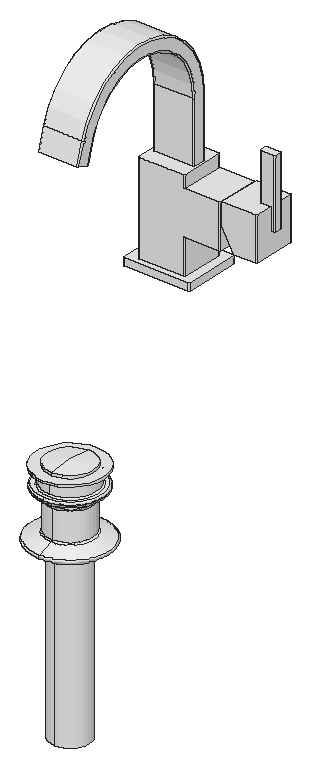
Revit family
Parameters (values of type "Polished Chrome")
  Waste Connection Radius = Waste Connection NPT / 2  # 0' - 0 5/8"
  Waste Connection NPT = 1 1/4"
  Waste Connection = yes
  WFU = 0
  Version = 1
  Vent Connection = yes
  URL = "http://www.deltafaucet.com"
  Product URL = "http://www.deltafaucet.com/bath/details/553LF.html"
  Overall Width = 0' - 4.37402"  # constant formula
  Overall Length = 0' - 5.93898"  # constant formula
  Overall Height = 0' - 7.79528"  # constant formula
  Offset to Backsplash [instance] = 0' - 2 1/2"
  Model = "553LF"
  Maximum Flow Rate = 1.5 GPM
  Manufacturer = "DELTA"  # constant formula
  Hot Water Connection Radius = Hot Water Connection NPT / 2  # 1/4"
  Hot Water Connection NPT = 1/2"
  HWFU = 0
  HW Connection = yes
  Flow Pressure [instance] = 0.00 psi
  Finish = Chrome - DELTA - Polished
  Drain Offset to Backsplash [instance] = 0' - 7"
  Description = "Single Handle Deck Mount Lavatory Faucet"
  Collection = "Vero"  # constant formula
  Cold Water Connection Radius = Cold Water Connection NPT / 2  # 1/4"
  Cold Water Connection NPT = 1/2"
  CWFU = 0
  CW Connection = yes
  CADworks URL = "http://www.CADworks.net"
  Basin Depth [instance] = 0' - 4"
  Assembly Code = "D2010900"
  ADA Compliant = yes
Types (3): name | Product URL | Model | Finish
  (no name) | "http://www.deltafaucet.com/bath/details/553LF.html" | "553LF" | Chrome - DELTA - Polished
  Brilliance Stainless | "http://www.deltafaucet.com/bath/details/553LF-SS.html" | "553LF-SS" | Steel - DELTA - Brilliance Stainless
  Polished Chrome | "http://www.deltafaucet.com/bath/details/553LF.html" | "553LF" | Chrome - DELTA - Polished
Reference planes (in)
  plane 1 "Center (Front/Back)": y = 0
  plane 2: z = 0
  plane 3 "Center (Left/Right)": x = 0
  plane 4: y = -4.78346
  plane 5 "Wall Closure": y = 2.5
  plane 6: x = -0.5
  plane 7: x = 0.5
  plane 8: z = 0.23228
  plane 9: z = 3.22835
  plane 10: z = 5.23622
  plane 11: z = -0.25
  plane 12: y = -4.99803
  plane 13: y = 0.94094
  plane 14: x = -1.09449
  plane 15: x = 1.09449
  plane 16: y = -0.94094
  plane 17: x = -0.76575
  plane 18: x = 0.76575
  plane 19: y = 0.72441
  plane 20: y = -0.72441
  plane 21: y = 0.22441
  plane 22: y = -0.22441
  plane 23: x = 0.66929
  plane 24: x = -0.66929
  plane 25: x = 1.98819
  plane 26: x = 3.27953
  plane 27: z = 7.79528
  plane 28: z = 2.87401
  plane 29: z = 1.42519
  plane 30: z = 2.15748
  plane 31: z = 4.40945
  plane 32: y = -4.5
  plane 33: z = -4
  plane 34: z = -12
Forms (in)
  Extrusion 1, solid, material "Chrome - DELTA - Polished" <- "Finish"
    sketch origin (0, 0, 0) x (1, 0, 0) y (0, 1, 0)
      loop
        arc (-1.09449, -0.89764) -> (-1.0818, -0.92826) -> (-1.05118, -0.94094) r 0.04331
        line (-1.05118, -0.94094) -> (1.05118, -0.94094)
        arc (1.05118, -0.94094) -> (1.0818, -0.92826) -> (1.09449, -0.89764) r 0.04331
        line (1.09449, -0.89764) -> (1.09449, 0.89764)
        arc (1.09449, 0.89764) -> (1.0818, 0.92826) -> (1.05118, 0.94094) r 0.04331
        line (1.05118, 0.94094) -> (-1.05118, 0.94094)
        arc (-1.05118, 0.94094) -> (-1.0818, 0.92826) -> (-1.09449, 0.89764) r 0.04331
        line (-1.09449, 0.89764) -> (-1.09449, -0.89764)
    from 0 to 0.23228
  Extrusion 2, solid, material "Chrome - DELTA - Polished" <- "Finish"
    sketch origin (1.25, -180, 0.23228) x (0, -1, 0) y (-1, 0, 0)
      loop
        line (-180.72441, 1.97244) -> (-180.72441, 0.48425) -> (-179.27559, 0.48425) -> (-179.27559, 1.97244)
        arc (-179.27559, 1.97244) -> (-179.28827, 2.00306) -> (-179.3189, 2.01575) r 0.04331
        line (-179.3189, 2.01575) -> (-180.6811, 2.01575)
        arc (-180.6811, 2.01575) -> (-180.71173, 2.00306) -> (-180.72441, 1.97244) r 0.04331
    from 0 to -2.99606
  Sweep 3, solid, material "Chrome - DELTA - Polished" <- "Finish"
    path origin (0, 0, 0) x (0, 1, 0) y (0, 0, 1)
      loop
        line (0, 3.22835) -> (0, 5.23441)
        arc (0, 5.23441) -> (-1.99292, 7.5473) -> (-4.57498, 5.91814) r 2.33858
        line (-4.57498, 5.91814) -> (-4.78346, 5.23622)
    profile origin (0, 0, 4.23138) x (0, -1, 0) y (1, 0, 0)
      loop
        arc (0.1811, -0.66929) -> (0.21173, -0.65661) -> (0.22441, -0.62598) r 0.04331
        line (0.22441, -0.62598) -> (0.22441, 0.62598)
        arc (0.22441, 0.62598) -> (0.21173, 0.65661) -> (0.1811, 0.66929) r 0.04331
        line (0.1811, 0.66929) -> (-0.1811, 0.66929)
        arc (-0.1811, 0.66929) -> (-0.21173, 0.65661) -> (-0.22441, 0.62598) r 0.04331
        line (-0.22441, 0.62598) -> (-0.22441, -0.62598)
        arc (-0.22441, -0.62598) -> (-0.21173, -0.65661) -> (-0.1811, -0.66929) r 0.04331
        line (-0.1811, -0.66929) -> (0.1811, -0.66929)
  Extrusion 4, solid, material "Chrome - DELTA - Polished" <- "Finish", detail levels fine
    sketch origin (1.25, -180, -0.25) x (0, -1, 0) y (-1, 0, 0)
      loop
        circle (-180, 1.75) r 0.25
      loop
        circle (-180, 0.75) r 0.25
    from 0 to -0.25
  Extrusion 5, solid, material "Chrome - DELTA - Polished" <- "Finish"
    sketch origin (0.5, 61.77165, 41.89764) x (0, 1, 0) y (0, 0, -1)
      loop
        line (-62.49606, 40.51575) -> (-62.49606, 39.06693) -> (-61.04724, 39.06693) -> (-61.04724, 40.51575) -> (-62.49606, 40.51575)
    from -0.26575 to -1.42717
  Extrusion 6, void
    sketch origin (0, 0, 0) x (1, 0, 0) y (0, 1, 0)
      loop
        line (0.76575, 0.6811) -> (0.76575, 0.72441) -> (0.72244, 0.72441)
        arc (0.72244, 0.72441) -> (0.75306, 0.71173) -> (0.76575, 0.6811) r 0.04331
      loop
        arc (0.76575, -0.6811) -> (0.75306, -0.71173) -> (0.72244, -0.72441) r 0.04331
        line (0.72244, -0.72441) -> (0.76575, -0.72441) -> (0.76575, -0.6811)
    from 0.23228 to 1.38189
  Extrusion 7, void
    sketch origin (0, 0, 2.55906) x (1, 0, 0) y (0, 1, 0)
      loop
        line (0.76575, 0.6811) -> (0.76575, 0.72441) -> (0.72244, 0.72441)
        arc (0.72244, 0.72441) -> (0.75306, 0.71173) -> (0.76575, 0.6811) r 0.04331
      loop
        arc (0.76575, -0.6811) -> (0.75306, -0.71173) -> (0.72244, -0.72441) r 0.04331
        line (0.72244, -0.72441) -> (0.76575, -0.72441) -> (0.76575, -0.6811)
    from 0.27165 to 0.66929
  Extrusion 8, void
    sketch origin (1.16142, 0, 2.55906) x (1, 0, 0) y (0, 1, 0)
      loop
        line (0.76575, 0.6811) -> (0.76575, 0.72441) -> (0.72244, 0.72441)
        arc (0.72244, 0.72441) -> (0.75306, 0.71173) -> (0.76575, 0.6811) r 0.04331
      loop
        arc (0.76575, -0.6811) -> (0.75306, -0.71173) -> (0.72244, -0.72441) r 0.04331
        line (0.72244, -0.72441) -> (0.76575, -0.72441) -> (0.76575, -0.6811)
    from -1.17717 to 0.27165
  Revolve 9, solid, material "Chrome - DELTA - Polished" <- "Finish"
    sketch origin (0, 0, -5.90551) x (1, 0, 0) y (0, 0, 1)
      loop
        line (1.92717, 8.01181) -> (2.47835, 8.01181)
        arc (2.47835, 8.01181) -> (2.31691, 8.40155) -> (1.92717, 8.56299) r 0.55118
        line (1.92717, 8.56299) -> (1.92717, 8.01181)
      axis (1.92717, 8.01181) -> (2.47835, 8.01181)
    angle from 0 to 360
  Extrusion 10, solid, material "Chrome - DELTA - Polished" <- "Finish"
    sketch origin (1.25, -180, 2.87401) x (0, -1, 0) y (-1, 0, 0)
      loop
        line (-179.2815, -0.73819) -> (-180.7185, -0.73819) -> (-180.70902, -1.84764)
        arc (-180.70902, -1.84764) -> (-180.69662, -1.87761) -> (-180.66689, -1.89056) r 0.04331
        arc (-180.66689, -1.89056) -> (-180, -1.89961) -> (-179.33311, -1.89056) r 24.59055
        arc (-179.33311, -1.89056) -> (-179.30338, -1.87761) -> (-179.29098, -1.84764) r 0.04331
        line (-179.29098, -1.84764) -> (-179.2815, -0.73819)
    from -0.00787 to 1.44882
  Extrusion 11, void
    sketch origin (0, 0, -5.90551) x (-1, 0, 0) y (0, 0, 1)
      loop
        line (-2.38386, 7.33067) -> (-3.27953, 7.35834) -> (-3.27953, 7.2874) -> (-1.98819, 7.2874) -> (-1.98819, 8.06299) -> (-2.38386, 7.33067)
      loop
        line (-1.98819, 8.77244) -> (-1.98819, 9.13386) -> (-3.27953, 9.13386) -> (-3.27953, 8.78031) -> (-1.98819, 8.77244)
    from -0.7874 to 0.7874
  Extrusion 12, solid, material "Chrome - DELTA - Polished" <- "Finish"
    sketch origin (1.25, -180, 2.15748) x (0, -1, 0) y (-1, 0, 0)
      loop
        arc (-179.9139, -2.02953) -> (-179.8831, -2.01666) -> (-179.8706, -1.98571) r 0.04331
        line (-179.8706, -1.98571) -> (-179.87548, -1.57232)
        arc (-179.87548, -1.57232) -> (-179.88834, -1.54203) -> (-179.91878, -1.52953) r 0.04331
        line (-179.91878, -1.52953) -> (-180.08122, -1.52953)
        arc (-180.08122, -1.52953) -> (-180.11166, -1.54203) -> (-180.12452, -1.57232) r 0.04331
        line (-180.12452, -1.57232) -> (-180.1294, -1.98571)
        arc (-180.1294, -1.98571) -> (-180.1169, -2.01666) -> (-180.0861, -2.02953) r 0.04331
        line (-180.0861, -2.02953) -> (-179.9139, -2.02953)
    from 0.11811 to -2.33071
  Extrusion 13, void
    sketch origin (0, 0, -4.37087) x (-1, 0, 0) y (0, 0, 1)
      loop
        line (-1.98819, 8.77244) -> (-1.98819, 9.60709) -> (-3.27953, 9.60709) -> (-3.27953, 8.78031) -> (-1.98819, 8.77244)
      loop
        line (-1.98819, 6.52048) -> (-3.27953, 6.52835) -> (-3.27953, 5.79606) -> (-1.98819, 5.79606) -> (-1.98819, 6.52048)
    from -0.15748 to 0.15748
  Extrusion 14, solid, material "Chrome - DELTA - Polished" <- "Finish"
    sketch origin (1.25, -180, -4) x (0, -1, 0) y (-1, 0, 0)
      loop
        circle (-175.5, 1.25) r 1.30634
    from 0 to 8
  Sweep 15, void
    path origin (-2.02953, -180, -4) x (0, -1, 0) y (1, 0, 0)
      loop
        circle (-175.5, 2.02953) r 1.30634
    profile origin (-1.30634, -4.5, -4) x (-1, 0, 0) y (0, 0, 1)
      loop
        arc (-0.5748, -1.84997) -> (-0.5635, -1.88582) -> (-0.53368, -1.9087) r 0.0625
        line (-0.53368, -1.9087) -> (-0.04319, -2.08723)
        arc (-0.04319, -2.08723) -> (-0.01306, -2.13941) -> (-0.05923, -2.17815) r 0.04688
        line (-0.05923, -2.17815) -> (-0.36295, -2.17815)
        arc (-0.36295, -2.17815) -> (-0.39164, -2.18796) -> (-0.40833, -2.21328) r 0.04688
        arc (-0.40833, -2.21328) -> (-0.45825, -2.28904) -> (-0.54409, -2.31839) r 0.14024
        line (-0.54409, -2.31839) -> (-0.61884, -2.31839)
        arc (-0.61884, -2.31839) -> (-0.66303, -2.33669) -> (-0.68134, -2.38089) r 0.0625
        line (-0.68134, -2.38089) -> (-0.68134, -8) -> (0.25, -8) -> (0.25, 0) -> (-0.4517, 0) -> (-0.4517, -0.44206)
        arc (-0.4517, -0.44206) -> (-0.43797, -0.47521) -> (-0.40483, -0.48894) r 0.04688
        line (-0.40483, -0.48894) -> (-0.26536, -0.48894)
        arc (-0.26536, -0.48894) -> (-0.23222, -0.50266) -> (-0.21849, -0.53581) r 0.04688
        line (-0.21849, -0.53581) -> (-0.21849, -0.57001)
        arc (-0.21849, -0.57001) -> (-0.23222, -0.60316) -> (-0.26536, -0.61689) r 0.04688
        line (-0.26536, -0.61689) -> (-0.45947, -0.61689)
        arc (-0.45947, -0.61689) -> (-0.50367, -0.63519) -> (-0.52197, -0.67939) r 0.0625
        line (-0.52197, -0.67939) -> (-0.52197, -0.84662)
        arc (-0.52197, -0.84662) -> (-0.52971, -0.86529) -> (-0.54839, -0.87303) r 0.02641
        arc (-0.54839, -0.87303) -> (-0.56707, -0.88077) -> (-0.5748, -0.89945) r 0.02641
        line (-0.5748, -0.89945) -> (-0.5748, -1.84997)
  Extrusion 16, solid, material "Chrome - DELTA - Polished" <- "Finish"
    sketch origin (-2.02953, -180, -4) x (0, -1, 0) y (-1, 0, 0)
      loop
        circle (-175.5, -2.02953) r 1.10938
    from 0 to -0.0625
  Extrusion 17, solid, material "Chrome - DELTA - Polished" <- "Finish"
    sketch origin (-2.02953, -180, -3.9375) x (0, -1, 0) y (1, 0, 0)
      loop
        circle (-175.5, 2.02953) r 0.75781
    from 0 to 0.1875
  Revolve 18, void
    sketch origin (0, 1.77165, -6.10236) x (0, 1, 0) y (0, 0, 1)
      loop
        arc (-7.02947, 2.2436) -> (-6.6525, 2.30109) -> (-6.27165, 2.32032) r 3.78118
        line (-6.27165, 2.32032) -> (-6.27165, 2.39527) -> (-7.06049, 2.39527) -> (-7.02947, 2.2436)
      axis (-6.27165, 2.39527) -> (-6.27165, 2.2436)
    angle from 0 to 360
Cuts and joins
  Extrusion 6, Extrusion 7, Extrusion 8 cuts Extrusion 2
  Extrusion 6, Extrusion 7, Extrusion 8 cuts Extrusion 5
  joined: Extrusion 2, Extrusion 5
  Extrusion 6, Extrusion 7 cuts Extrusion 1
  Extrusion 6 cuts Extrusion 4
  Extrusion 11 cuts Extrusion 10
  Extrusion 13 cuts Extrusion 12
  joined: Revolve 9, Extrusion 10, Extrusion 12
  Sweep 15 cuts Extrusion 14
  Revolve 18 cuts Extrusion 17
  joined: Extrusion 16, Extrusion 17
Lines and regions (in)
  Masking region 1
    outline origin (0, 0, 0) x (1, 0, 0) y (0, 1, 0)
      loop
        line (-1.09449, 0.89764) -> (-1.09449, -0.89764)
        arc (-1.09449, -0.89764) -> (-1.0818, -0.92826) -> (-1.05118, -0.94094) r 0.04331
        line (-1.05118, -0.94094) -> (-0.66929, -0.94094) -> (-0.66929, -4.95665)
        spline (-0.66929, -4.95665) -> (-0.66892, -4.96206) -> (-0.66782, -4.96737) -> (-0.66599, -4.9725) -> (-0.66349, -4.97736) -> (-0.66034, -4.98187) -> (-0.65661, -4.98594) -> (-0.65235, -4.98951) -> (-0.64764, -4.99252) -> (-0.64256, -4.99492) -> (-0.63719, -4.99666) -> (-0.63164, -4.99771) -> (-0.62598, -4.99807)
        line (-0.62598, -4.99807) -> (0.62598, -4.99807)
        spline (0.62598, -4.99807) -> (0.63164, -4.99771) -> (0.63719, -4.99666) -> (0.64256, -4.99492) -> (0.64764, -4.99252) -> (0.65235, -4.98951) -> (0.65661, -4.98594) -> (0.66034, -4.98187) -> (0.66349, -4.97736) -> (0.66599, -4.9725) -> (0.66782, -4.96737) -> (0.66892, -4.96206) -> (0.66929, -4.95665)
        line (0.66929, -4.95665) -> (0.66929, -0.94094) -> (1.05118, -0.94094)
        arc (1.05118, -0.94094) -> (1.0818, -0.92826) -> (1.09449, -0.89764) r 0.04331
        line (1.09449, -0.89764) -> (1.09449, -0.72441) -> (1.88386, -0.72441)
        arc (1.88386, -0.72441) -> (1.91448, -0.71173) -> (1.92717, -0.6811) r 0.04331
        line (1.92717, -0.6811) -> (1.92717, -0.54798) -> (1.98819, -0.5454) -> (1.98819, -0.7185) -> (3.09764, -0.70902)
        arc (3.09764, -0.70902) -> (3.12761, -0.69662) -> (3.14056, -0.66689) r 0.04331
        arc (3.14056, -0.66689) -> (3.14639, -0.39766) -> (3.14927, -0.12838) r 24.59055
        line (3.14927, -0.12838) -> (3.23571, -0.1294)
        arc (3.23571, -0.1294) -> (3.26666, -0.1169) -> (3.27953, -0.0861) r 0.04331
        line (3.27953, -0.0861) -> (3.27953, 0.0861)
        arc (3.27953, 0.0861) -> (3.26666, 0.1169) -> (3.23571, 0.1294) r 0.04331
        line (3.23571, 0.1294) -> (3.14927, 0.12838)
        arc (3.14927, 0.12838) -> (3.14639, 0.39766) -> (3.14056, 0.66689) r 24.59055
        arc (3.14056, 0.66689) -> (3.12761, 0.69662) -> (3.09764, 0.70902) r 0.04331
        line (3.09764, 0.70902) -> (1.98819, 0.7185) -> (1.98819, 0.5454) -> (1.92717, 0.54798) -> (1.92717, 0.6811)
        arc (1.92717, 0.6811) -> (1.91448, 0.71173) -> (1.88386, 0.72441) r 0.04331
        line (1.88386, 0.72441) -> (1.09449, 0.72441) -> (1.09449, 0.89764)
        arc (1.09449, 0.89764) -> (1.0818, 0.92826) -> (1.05118, 0.94094) r 0.04331
        line (1.05118, 0.94094) -> (-1.05118, 0.94094)
        arc (-1.05118, 0.94094) -> (-1.0818, 0.92826) -> (-1.09449, 0.89764) r 0.04331
  symbolic lines
    curve 1: arc (0.62598, 0.22441, 7.79528) -> (0.65661, 0.21173, 7.79528) -> (0.66929, 0.1811, 7.79528) r 0.04331
    curve 2: line (-0.62598, 0.22441, 7.79528) -> (0.62598, 0.22441, 7.79528)
    curve 3: arc (-0.66929, 0.1811, 7.79528) -> (-0.65661, 0.21173, 7.79528) -> (-0.62598, 0.22441, 7.79528) r 0.04331
    curve 4: line (-0.66929, 0.1811, 7.79528) -> (-0.66929, -0.94094, 7.79528)
    curve 5: line (0.66929, 0.1811, 7.79528) -> (0.66929, -0.94094, 7.79528)
    curve 21: circle (0, -4.5, 0) r 1.10938 normal (0, 0, -1)
  symbolic lines, detail levels medium+fine
    curve 6: line (-0.76575, -0.6811, 7.79528) -> (-0.76575, 0.6811, 7.79528)
    curve 7: arc (-0.76575, 0.6811, 7.79528) -> (-0.75306, 0.71173, 7.79528) -> (-0.72244, 0.72441, 7.79528) r 0.04331
    curve 8: line (-0.72244, 0.72441, 7.79528) -> (1.09449, 0.72441, 7.79528)
    curve 9: arc (0.72244, 0.72441, 7.79528) -> (0.75306, 0.71173, 7.79528) -> (0.76575, 0.6811, 7.79528) r 0.04331
    curve 10: line (0.76575, 0.6811, 7.79528) -> (0.76575, -0.6811, 7.79528)
    curve 11: arc (-0.72244, -0.72441, 7.79528) -> (-0.75306, -0.71173, 7.79528) -> (-0.76575, -0.6811, 7.79528) r 0.04331
    curve 12: line (1.09449, -0.72441, 7.79528) -> (0.66929, -0.72441, 7.79528)
    curve 13: arc (0.76575, -0.6811, 7.79528) -> (0.75306, -0.71173, 7.79528) -> (0.72244, -0.72441, 7.79528) r 0.04331
    curve 14: line (1.92717, 0.54798, 7.79528) -> (1.92717, -0.55118, 7.79528)
    curve 15: line (1.98819, -0.5454, 7.79528) -> (1.98819, 0.5454, 7.79528)
    curve 23: line (-0.66929, -0.72441, 7.79528) -> (-0.72244, -0.72441, 7.79528)
  symbolic lines, detail levels fine
    curve 16: line (2.77953, -0.08122, 7.79528) -> (2.77953, 0.08122, 7.79528)
    curve 17: arc (2.77953, 0.08122, 7.79528) -> (2.79203, 0.11166, 7.79528) -> (2.82232, 0.12452, 7.79528) r 0.04331
    curve 18: line (2.82232, 0.12452, 7.79528) -> (3.14927, 0.12838, 7.79528)
    curve 19: arc (2.82232, -0.12452, 7.79528) -> (2.79203, -0.11166, 7.79528) -> (2.77953, -0.08122, 7.79528) r 0.04331
    curve 20: line (3.14927, -0.12838, 7.79528) -> (2.82232, -0.12452, 7.79528)
    curve 22: circle (0, -4.5, 0) r 0.75781 normal (0, 0, -1)
Dimensions and locks (in)
  "Offset to Backsplash": plane 1 "Center (Front/Back)" to plane 5 "Wall Closure"
  locked: plane 4 to plane 1 "Center (Front/Back)" at 4.78346
  locked: plane 8 to plane 2 at 0.23228
  locked: plane 9 to plane 2 at 3.22835
  locked: plane 10 to plane 2 at 5.23622
  locked: plane 2 to plane 11 at 0.25
  locked: plane 1 "Center (Front/Back)" to plane 13 at 0.94094
  "Overall Length": plane 13 to plane 12
  locked: plane 6 to Extrusion 4 sketch curve at 0
  locked: plane 1 "Center (Front/Back)" to Extrusion 4 sketch curve at 0  (x2)
  locked: plane 7 to Extrusion 4 sketch curve at 0
  locked: plane 14 to plane 3 "Center (Left/Right)" at 1.09449
  plane 16 to plane 1 "Center (Front/Back)" to plane 13 = 0' - 0.94094" locked, 0' - 0.94094" locked
  plane 14 to plane 3 "Center (Left/Right)" to plane 15 = 0' - 1.09449" locked, 0' - 1.09449" locked
  locked: plane 14 to Extrusion 1 sketch curve at 0.04331  (x2)
  locked: Extrusion 1 sketch curve to plane 15 at 0.04331  (x2)
  locked: plane 16 to Extrusion 1 sketch curve at 0.04331  (x2)
  locked: plane 13 to Extrusion 1 sketch curve at 0.04331  (x2)
  plane 20 to plane 1 "Center (Front/Back)" to plane 19 = 0' - 0.72441" locked, 0' - 0.72441" locked
  plane 17 to plane 3 "Center (Left/Right)" to plane 18 = 0' - 0.76575" locked, 0' - 0.76575" locked
  plane 7 to plane 3 "Center (Left/Right)" to plane 6 = 0' - 0 1/2" locked, 0' - 0 1/2" locked
  locked: plane 17 to Extrusion 2 sketch curve at 0.04331  (x2)
  locked: plane 19 to Extrusion 2 sketch curve at 0.04331
  locked: plane 20 to Extrusion 2 sketch curve at 0.04331
  locked: Sweep 3 sketch curve to plane 1 "Center (Front/Back)" at 4.78346
  locked: plane 9 to Sweep 3 sketch curve at 2.00606
  locked: Sweep 3 sketch curve to Sweep 3 sketch curve at 0.71308
  plane 22 to plane 1 "Center (Front/Back)" to plane 21 = 0' - 0.22441" locked, 0' - 0.22441" locked
  plane 24 to plane 3 "Center (Left/Right)" to plane 23 = 0' - 0.66929" locked, 0' - 0.66929" locked
  locked: plane 24 to Sweep 3 sketch curve at 0.04331  (x2)
  locked: Sweep 3 sketch curve to plane 23 at 0.04331  (x2)
  locked: plane 21 to Sweep 3 sketch curve at 0.04331  (x2)
  locked: plane 22 to Sweep 3 sketch curve at 0.04331  (x2)
  Extrusion 5 sketch curve to plane 1 "Center (Front/Back)" to Extrusion 5 sketch curve = 0' - 0.72441" locked, 0' - 0.72441" locked
  plane 8 to Extrusion 5 sketch curve to Extrusion 5 sketch curve = 0' - 1.14961" locked, 0' - 1.44882" locked
  locked: cut or joined group of Extrusion 2, Extrusion 5, Extrusion 6, Extrusion 7, Extrusion 8 to plane 3 "Center (Left/Right)" at 1.92717
  locked: plane 7 to cut or joined group of Extrusion 2, Extrusion 5, Extrusion 6, Extrusion 7, Extrusion 8 at 1.42717
  locked: cut or joined group of Extrusion 2, Extrusion 5, Extrusion 6, Extrusion 7, Extrusion 8 to cut or joined group of Extrusion 2, Extrusion 5, Extrusion 6, Extrusion 7, Extrusion 8 at 1.16142
  Extrusion 6 sketch curve to Extrusion 6 sketch curve to plane 1 "Center (Front/Back)" to Extrusion 6 sketch curve to Extrusion 6 sketch curve = 0' - 0.04331" locked, 0' - 0.6811" locked, 0' - 0.6811" locked, 0' - 0.04331" locked
  plane 3 "Center (Left/Right)" to Extrusion 6 sketch curve to Extrusion 6 sketch curve = 0' - 0.72244" locked, 0' - 0.04331" locked  (x2)
  plane 3 "Center (Left/Right)" to Extrusion 7 sketch curve to Extrusion 7 sketch curve = 0' - 0.72244" locked, 0' - 0.04331" locked  (x2)
  Extrusion 7 sketch curve to Extrusion 7 sketch curve to plane 1 "Center (Front/Back)" to Extrusion 7 sketch curve to Extrusion 7 sketch curve = 0' - 0.04331" locked, 0' - 0.6811" locked, 0' - 0.6811" locked, 0' - 0.04331" locked
  Extrusion 8 sketch curve to Extrusion 8 sketch curve to plane 1 "Center (Front/Back)" to Extrusion 8 sketch curve to Extrusion 8 sketch curve = 0' - 0.04331" locked, 0' - 0.6811" locked, 0' - 0.6811" locked, 0' - 0.04331" locked
  plane 3 "Center (Left/Right)" to Extrusion 8 sketch curve to Extrusion 8 sketch curve = 0' - 1.88386" locked, 0' - 0.04331" locked  (x2)
  locked: plane 3 "Center (Left/Right)" to plane 25 at 1.98819
  "Overall Width": plane 14 to plane 26
  "Overall Height": plane 27 to plane 2
  equal spacing: cut or joined group of Extrusion 2, Extrusion 5, Extrusion 6, Extrusion 7, Extrusion 8, Revolve 9 sketch curve, cut or joined group of Extrusion 2, Extrusion 5, Extrusion 6, Extrusion 7, Extrusion 8, locked at 0.72441 each
  Revolve 9 sketch curve to Revolve 9 sketch curve to plane 3 "Center (Left/Right)" = 0' - 0.55118" locked, 0' - 1.92717" locked
  locked: Revolve 9 sketch curve to Revolve 9 sketch curve at 0.55118
  plane 25 to Extrusion 10 sketch curve to Extrusion 10 sketch curve = 0' - 1.10945" locked, 0' - 0.04292" locked  (x2)
  Extrusion 10 sketch curve to Extrusion 10 sketch curve to Extrusion 10 sketch curve to plane 1 "Center (Front/Back)" to Extrusion 10 sketch curve to Extrusion 10 sketch curve to Extrusion 10 sketch curve = 0' - 0.00949" locked, 0' - 0.04213" locked, 0' - 0.66689" locked, 0' - 0.66689" locked, 0' - 0.04213" locked, 0' - 0.00949" locked
  plane 28 to plane 29 to plane 2 = 0' - 1.44882" locked, 0' - 1.42519" locked
  locked: cut or joined group of Revolve 9, Extrusion 10, Extrusion 11, Extrusion 12, Extrusion 13 to plane 28 at 0.00787
  locked: plane 9 to cut or joined group of Revolve 9, Extrusion 10, Extrusion 11, Extrusion 12, Extrusion 13 at 0.34646
  plane 31 to plane 30 to plane 2 = 0' - 2.25197" locked, 0' - 2.15748" locked
  Extrusion 12 sketch curve to Extrusion 12 sketch curve to Extrusion 12 sketch curve to Extrusion 12 sketch curve to plane 1 "Center (Front/Back)" to Extrusion 12 sketch curve to Extrusion 12 sketch curve to Extrusion 12 sketch curve to Extrusion 12 sketch curve = 0' - 0.00488" locked, 0' - 0.03842" locked, 0' - 0.00488" locked, 0' - 0.08122" locked, 0' - 0.08122" locked, 0' - 0.00488" locked, 0' - 0.03842" locked, 0' - 0.00488" locked
  Extrusion 12 sketch curve to Extrusion 12 sketch curve to Extrusion 12 sketch curve to plane 26 = 0' - 0.0428" locked, 0' - 0.41339" locked, 0' - 0.04382" locked
  Extrusion 12 sketch curve to Extrusion 12 sketch curve to plane 26 = 0' - 0.41339" locked, 0' - 0.04382" locked
  locked: Extrusion 12 to plane 31 at 0.07874
  locked: plane 10 to Extrusion 12 at 0.74803
  plane 9 to Extrusion 11 sketch curve to Extrusion 11 sketch curve = 0' - 0.35354" locked, 0' - 0.00787" locked
  locked: plane 25 to Extrusion 11 sketch curve at 0.39567
  Extrusion 11 sketch curve to plane 30 to Extrusion 11 sketch curve to Extrusion 11 sketch curve = 0' - 0" locked, 0' - 0.70465" locked, 0' - 0.02767" locked
  cut or joined group of Revolve 9, Extrusion 10, Extrusion 11, Extrusion 12, Extrusion 13 to plane 1 "Center (Front/Back)" to cut or joined group of Revolve 9, Extrusion 10, Extrusion 11, Extrusion 12, Extrusion 13 = 0' - 0.7874" locked, 0' - 0.7874" locked
  plane 10 to Extrusion 13 sketch curve to Extrusion 13 sketch curve = 0' - 0.82677" locked, 0' - 0.00787" locked
  Extrusion 13 sketch curve to Extrusion 13 sketch curve to plane 29 = 0' - 0.00787" locked, 0' - 0.72442" locked
  Masking region 1 sketch curve to Masking region 1 sketch curve to plane 1 "Center (Front/Back)" to Masking region 1 sketch curve to Masking region 1 sketch curve = 0' - 0.00258" locked, 0' - 0.5454" locked, 0' - 0.5454" locked, 0' - 0.00258" locked
  "Basin Depth": plane 2 to plane 33
  "Drain Offset to Backsplash": plane 5 "Wall Closure" to plane 32
  locked: plane 30 to cut or joined group of Extrusion 2, Extrusion 5, Extrusion 6, Extrusion 7, Extrusion 8 at 0.77559
  locked: cut or joined group of Revolve 9, Extrusion 10, Extrusion 11, Extrusion 12, Extrusion 13 to plane 29 at 0.61418
  locked: plane 30 to cut or joined group of Revolve 9, Extrusion 10, Extrusion 11, Extrusion 12, Extrusion 13 at 0.11811
  Extrusion 13 to plane 1 "Center (Front/Back)" to Extrusion 13 = 0' - 0.15748" locked, 0' - 0.15748" locked
  locked: plane 34 to plane 33 at 8
  locked: plane 33 to cut or joined group of Extrusion 16, Extrusion 17, Revolve 18 at 0.0625
  locked: plane 34 to cut or joined group of Extrusion 16, Extrusion 17, Revolve 18 at 8.0625
  locked: plane 33 to cut or joined group of Extrusion 16, Extrusion 17, Revolve 18 at 0.25
  locked: plane 34 to cut or joined group of Extrusion 16, Extrusion 17, Revolve 18 at 8.25
  locked: plane 3 "Center (Left/Right)" to Sweep 15 sketch curve at 0
  locked: plane 32 to Sweep 15 sketch curve at 0
  plane 3 "Center (Left/Right)" to Sweep 15 sketch curve to Sweep 15 sketch curve to Sweep 15 sketch curve to Sweep 15 sketch curve to Sweep 15 sketch curve = 0' - 0.85464" locked, 0' - 0 3/64" locked, 0' - 0.13946" locked, 0' - 0 3/64" locked, 0' - 0.46849" locked
  plane 3 "Center (Left/Right)" to Sweep 15 sketch curve to Sweep 15 sketch curve to Sweep 15 sketch curve to Sweep 15 sketch curve to Sweep 15 sketch curve = 0' - 0.73154" locked, 0' - 0.02641" locked, 0' - 0.02641" locked, 0' - 0 1/16" locked, 0' - 0.19411" locked
  plane 3 "Center (Left/Right)" to Sweep 15 sketch curve to Sweep 15 sketch curve to Sweep 15 sketch curve to Sweep 15 sketch curve to Sweep 15 sketch curve to Sweep 15 sketch curve to Sweep 15 sketch curve to Sweep 15 sketch curve = 0' - 0 5/8" locked, 0' - 0 1/16" locked, 0' - 0.07475" locked, 0' - 0.01041" locked, 0' - 0.12535" locked, 0' - 0.04538" locked, 0' - 0.30372" locked, 0' - 0.01603" locked
  plane 33 to Sweep 15 sketch curve to Sweep 15 sketch curve to Sweep 15 sketch curve to Sweep 15 sketch curve to Sweep 15 sketch curve to Sweep 15 sketch curve to Sweep 15 sketch curve to Sweep 15 sketch curve to Sweep 15 sketch curve to Sweep 15 sketch curve to Sweep 15 sketch curve to Sweep 15 sketch curve to Sweep 15 sketch curve to Sweep 15 sketch curve to Sweep 15 sketch curve to Sweep 15 sketch curve = 0' - 0.44206" locked, 0' - 0 3/64" locked, 0' - 0 3/64" locked, 0' - 0.0342" locked, 0' - 0 3/64" locked, 0' - 0 1/16" locked, 0' - 0.16723" locked, 0' - 0.02641" locked, 0' - 0.02641" locked, 0' - 0.95053" locked, 0' - 0.05873" locked, 0' - 0.17852" locked, 0' - 0.09092" locked, 0' - 0.03513" locked, 0' - 0.10511" locked, 0' - 0 1/16" locked
  Revolve 18 sketch curve to Revolve 18 sketch curve to Revolve 18 sketch curve = 0' - 0.03103" locked, 0' - 0 97/128" locked
  plane 33 to Revolve 18 sketch curve to Revolve 18 sketch curve to Revolve 18 sketch curve = 0' - 0.14124" locked, 0' - 0.07672" locked, 0' - 0.07495" locked
  locked: plane 3 "Center (Left/Right)" to Extrusion 17 sketch curve at 0
  locked: plane 32 to Extrusion 17 sketch curve at 0
  radius of Extrusion 1 sketch curve = 0' - 0.04331"  (x4)
  radius of Sweep 3 sketch curve = 0' - 0.04331"  (x4)
  "Cold Water Connection Radius": radius of Extrusion 4 sketch curve
  "Hot Water Connection Radius": radius of Extrusion 4 sketch curve
  radius of Extrusion 2 sketch curve = 0' - 0.04331"  (x2)
  radius of Extrusion 6 sketch curve = 0' - 0.04331"  (x2)
  radius of Extrusion 7 sketch curve = 0' - 0.04331"  (x2)
  radius of Extrusion 8 sketch curve = 0' - 0.04331"  (x2)
  radius of Revolve 9 sketch curve = 0' - 0.55118"
  radius of Extrusion 10 sketch curve = 0' - 0.04331"  (x2)
  radius of Extrusion 10 sketch curve = 2' - 0.59055"
  radius of Extrusion 12 sketch curve = 0' - 0.04331"  (x4)
  radius of Sweep 15 sketch curve = 0' - 1.30634"
  radius of Sweep 15 sketch curve = 0' - 0 3/64"  (x5)
  radius of Sweep 15 sketch curve = 0' - 0 1/16"  (x3)
  radius of Sweep 15 sketch curve = 0' - 0.02641"  (x2)
  radius of Sweep 15 sketch curve = 0' - 0.14024"
  radius of Revolve 18 sketch curve = 0' - 3.78118"
  radius of Extrusion 17 sketch curve = 0' - 0 97/128"
  locked: plane 9 to Sweep 3 sketch curve (angle 73.00°)
  aligned and locked: Extrusion 1 to plane 2
  aligned and locked: Extrusion 1 to plane 8
  aligned and locked: plane 8 to Extrusion 2
  aligned and locked: Extrusion 2 to plane 9
  aligned and locked: plane 9 to Sweep 3 sketch curve
  aligned and locked: plane 11 to Extrusion 4
  aligned and locked: plane 2 to Extrusion 4
  aligned and locked: Extrusion 1 sketch curve to plane 16
  aligned and locked: plane 15 to Extrusion 1 sketch curve
  aligned and locked: Extrusion 1 sketch curve to plane 13
  aligned and locked: plane 14 to Extrusion 1 sketch curve
  aligned and locked: Extrusion 2 sketch curve to plane 19
  aligned and locked: Extrusion 2 sketch curve to plane 18
  aligned and locked: plane 20 to Extrusion 2 sketch curve
  aligned and locked: plane 17 to Extrusion 2 sketch curve
  aligned and locked: Sweep 3 sketch curve to plane 1 "Center (Front/Back)"
  aligned and locked: plane 10 to Sweep 3 sketch curve
  aligned and locked: Sweep 3 sketch curve to plane 24
  aligned and locked: Sweep 3 sketch curve to plane 21
  aligned and locked: plane 23 to Sweep 3 sketch curve
  aligned and locked: plane 22 to Sweep 3 sketch curve
  aligned and locked: Extrusion 5 to Extrusion 2
  aligned and locked: Extrusion 6 to cut or joined group of Extrusion 2, Extrusion 5, Extrusion 6, Extrusion 7, Extrusion 8
  aligned and locked: Extrusion 6 to Extrusion 1
  aligned and locked: Extrusion 7 to Extrusion 5
  aligned and locked: Extrusion 7 to plane 9
  aligned and locked: Extrusion 5 to Extrusion 8  (x2)
  aligned and locked: Revolve 9 sketch curve to Revolve 9 sketch curve
  aligned and locked: Extrusion 10 sketch curve to plane 25
  aligned and locked: Extrusion 11 sketch curve to plane 25
  aligned and locked: plane 9 to Extrusion 11 sketch curve
  aligned and locked: plane 26 to Extrusion 11 sketch curve
  aligned and locked: plane 25 to Extrusion 11 sketch curve
  aligned and locked: cut or joined group of Extrusion 2, Extrusion 5, Extrusion 6, Extrusion 7, Extrusion 8 to Extrusion 11 sketch curve
  aligned and locked: Extrusion 11 sketch curve to plane 26
  aligned and locked: Extrusion 12 sketch curve to plane 26
  aligned: Extrusion 12 to plane 31
  aligned: plane 30 to Extrusion 12
  aligned and locked: plane 29 to Extrusion 13 sketch curve
  aligned and locked: Extrusion 13 sketch curve to plane 26
  aligned and locked: plane 25 to Extrusion 13 sketch curve
  aligned and locked: Extrusion 13 sketch curve to plane 25
  aligned and locked: plane 26 to Extrusion 13 sketch curve
  aligned and locked: plane 10 to Extrusion 13 sketch curve
  aligned and locked: Masking region 1 sketch curve to cut or joined group of Extrusion 1, Extrusion 6, Extrusion 7  (x4)
  aligned and locked: Masking region 1 sketch curve to cut or joined group of Extrusion 2, Extrusion 5, Extrusion 6, Extrusion 7, Extrusion 8  (x2)
  aligned and locked: Masking region 1 sketch curve to cut or joined group of Revolve 9, Extrusion 10, Extrusion 11, Extrusion 12, Extrusion 13  (x8)
  aligned and locked: cut or joined group of Revolve 9, Extrusion 10, Extrusion 11, Extrusion 12, Extrusion 13 to Masking region 1 sketch curve  (x2)
  aligned and locked: cut or joined group of Extrusion 2, Extrusion 5, Extrusion 6, Extrusion 7, Extrusion 8 to Masking region 1 sketch curve
  aligned and locked: cut or joined group of Extrusion 1, Extrusion 6, Extrusion 7 to Masking region 1 sketch curve  (x2)
  aligned and locked: Masking region 1 sketch curve to Sweep 3  (x2)
  aligned and locked: Sweep 3 to Masking region 1 sketch curve
  aligned and locked: curve 1 to Sweep 3
  aligned and locked: curve 3 to Sweep 3
  aligned and locked: cut or joined group of Extrusion 1, Extrusion 6, Extrusion 7 to curve 5
  aligned and locked: cut or joined group of Extrusion 1, Extrusion 6, Extrusion 7 to curve 4
  aligned and locked: curve 6 to cut or joined group of Extrusion 2, Extrusion 5, Extrusion 6, Extrusion 7, Extrusion 8
  aligned and locked: curve 7 to cut or joined group of Extrusion 2, Extrusion 5, Extrusion 6, Extrusion 7, Extrusion 8
  aligned and locked: curve 8 to cut or joined group of Extrusion 2, Extrusion 5, Extrusion 6, Extrusion 7, Extrusion 8
  aligned and locked: curve 9 to cut or joined group of Extrusion 2, Extrusion 5, Extrusion 6, Extrusion 7, Extrusion 8
  aligned and locked: curve 10 to cut or joined group of Extrusion 2, Extrusion 5, Extrusion 6, Extrusion 7, Extrusion 8
  aligned and locked: curve 11 to cut or joined group of Extrusion 2, Extrusion 5, Extrusion 6, Extrusion 7, Extrusion 8
  aligned and locked: cut or joined group of Extrusion 2, Extrusion 5, Extrusion 6, Extrusion 7, Extrusion 8 to curve 12
  aligned and locked: curve 13 to cut or joined group of Extrusion 2, Extrusion 5, Extrusion 6, Extrusion 7, Extrusion 8
  aligned and locked: cut or joined group of Extrusion 2, Extrusion 5, Extrusion 6, Extrusion 7, Extrusion 8 to curve 14
  aligned and locked: cut or joined group of Revolve 9, Extrusion 10, Extrusion 11, Extrusion 12, Extrusion 13 to curve 15
  aligned and locked: curve 16 to cut or joined group of Revolve 9, Extrusion 10, Extrusion 11, Extrusion 12, Extrusion 13
  aligned and locked: curve 17 to cut or joined group of Revolve 9, Extrusion 10, Extrusion 11, Extrusion 12, Extrusion 13
  aligned and locked: curve 18 to cut or joined group of Revolve 9, Extrusion 10, Extrusion 11, Extrusion 12, Extrusion 13
  aligned and locked: curve 19 to cut or joined group of Revolve 9, Extrusion 10, Extrusion 11, Extrusion 12, Extrusion 13
  aligned and locked: cut or joined group of Revolve 9, Extrusion 10, Extrusion 11, Extrusion 12, Extrusion 13 to curve 20
  aligned and locked: cut or joined group of Extrusion 1, Extrusion 6, Extrusion 7 to curve 12
  aligned and locked: cut or joined group of Extrusion 1, Extrusion 6, Extrusion 7 to curve 8
  aligned and locked: curve 4 to curve 23
  aligned and locked: curve 23 to cut or joined group of Extrusion 2, Extrusion 5, Extrusion 6, Extrusion 7, Extrusion 8
  aligned and locked: curve 5 to curve 12
  aligned and locked: curve 21 to cut or joined group of Extrusion 16, Extrusion 17, Revolve 18
  aligned and locked: curve 22 to cut or joined group of Extrusion 16, Extrusion 17, Revolve 18
  aligned and locked: plane 34 to cut or joined group of Extrusion 14, Sweep 15
  aligned and locked: plane 33 to cut or joined group of Extrusion 16, Extrusion 17, Revolve 18
  aligned and locked: cut or joined group of Extrusion 14, Sweep 15 to plane 33
  aligned and locked: Sweep 15 sketch curve to plane 33
  aligned and locked: plane 34 to Sweep 15 sketch curve
  aligned and locked: cut or joined group of Extrusion 16, Extrusion 17, Revolve 18 to cut or joined group of Extrusion 16, Extrusion 17, Revolve 18  (x2)
  aligned and locked: Revolve 18 sketch curve to Revolve 18 sketch curve
  aligned and locked: Revolve 18 sketch curve to plane 32
Automatic sketch dimensions
  Extrusion 6 sketch curve to Extrusion 6 sketch curve = 0' - 0"  (x4)
  Extrusion 7 sketch curve to Extrusion 7 sketch curve = 0' - 0"  (x4)
  Extrusion 8 sketch curve to Extrusion 8 sketch curve = 0' - 0"  (x4)
  Revolve 9 sketch curve to Revolve 9 sketch curve = 0' - 0.19685"
  Revolve 9 sketch curve to Revolve 9 sketch curve = 0' - 0.3937"
  Masking region 1 sketch curve to Masking region 1 sketch curve = 0' - 0.04331"
  Masking region 1 sketch curve to plane 7 = 0' - 0.08268"
  Masking region 1 sketch curve to Masking region 1 sketch curve = 0' - 0.00037"  (x2)
  Masking region 1 sketch curve to plane 1 "Center (Front/Back)" = 0' - 0.12838"
  Masking region 1 sketch curve to Masking region 1 sketch curve = 0' - 0.00051"  (x2)
  plane 12 to Masking region 1 sketch curve = 0' - 0.04138"  (x2)
  Masking region 1 sketch curve to Masking region 1 sketch curve = 0' - 0.0374"
  curve 15 to plane 25 = 0' - 0"
  curve 15 to plane 13 = 0' - 0.39555"
  curve 14 to curve 15 = 0' - 0.00258"
  curve 9 to plane 13 = 0' - 0.25984"
  curve 7 to plane 13 = 0' - 0.25984"
  curve 9 to curve 9 = 0' - 0.04331"
  curve 18 to plane 1 "Center (Front/Back)" = 0' - 0.12838"
  curve 18 to plane 1 "Center (Front/Back)" = 0' - 0.12452"
  curve 17 to curve 17 = 0' - 0.0433"
  plane 1 "Center (Front/Back)" to curve 16 = 0' - 0.08122"
  curve 19 to curve 20 = 0' - 0.0433"
  plane 1 "Center (Front/Back)" to curve 20 = 0' - 0.12838"
  plane 1 "Center (Front/Back)" to curve 15 = 0' - 0.5454"
  curve 15 to curve 14 = 0' - 0.00578"
  curve 6 to curve 4 = 0' - 0.25984"
  curve 13 to curve 5 = 0' - 0.25984"
  curve 13 to curve 12 = 0' - 0.04331"
  curve 11 to curve 23 = 0' - 0.04331"
  curve 11 to curve 23 = 0' - 0.05315"
  curve 9 to plane 7 = 0' - 0.22244"
  curve 13 to curve 12 = 0' - 0.32874"
  curve 9 to curve 8 = 0' - 0.32874"
  plane 25 to curve 14 = 0' - 0.06102"
  plane 26 to curve 16 = 0' - 0 1/2"
  curve 19 to curve 20 = 0' - 0.0428"
  curve 17 to curve 17 = 0' - 0.0428"
  plane 26 to curve 20 = 0' - 0.13026"
  plane 26 to curve 18 = 0' - 0.13026"
  Extrusion 14 sketch curve to plane 3 "Center (Left/Right)" = 0' - 0"
  Extrusion 14 sketch curve to plane 32 = 0' - 0"
  Extrusion 16 sketch curve to plane 3 "Center (Left/Right)" = 0' - 0"
  Extrusion 16 sketch curve to plane 32 = 0' - 0"
  plane 33 to Revolve 18 sketch curve = 0' - 0.04222"
  Revolve 18 sketch curve to plane 33 = 0' - 0 1/16"
  radius of Extrusion 14 sketch curve = 0' - 1.30634"
  radius of Extrusion 16 sketch curve = 0' - 1 7/64"
Connectors (in)
  piping at (-0.5, 0, 0), driven by "Hot Water Connection Radius", driven by "HWFU", driven by "Flow Pressure"
    settings: on Extrusion 4, index 1
  piping at (0.5, 0, 0), driven by "Cold Water Connection Radius", driven by "CWFU", driven by "Flow Pressure"
    settings: on Extrusion 4, index 2
  piping at (0, -4.5, -12), driven by "Waste Connection Radius", driven by "Waste Connection", driven by "WFU"
    settings: on cut or joined group of Extrusion 14, Sweep 15, index 3
